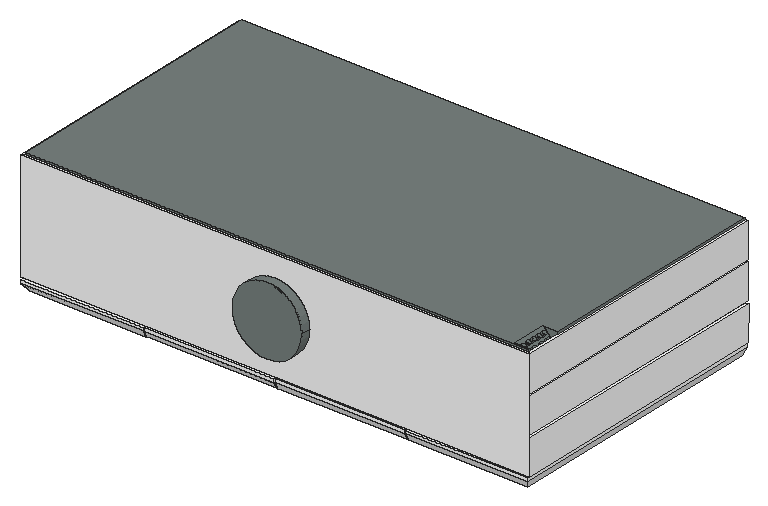
Revit family "AM 1000 HH DIB", category Mechanical Equipment, Revit 2019
Family settings
  Round Connector Dimension = Use Diameter
  Part Type = Normal
  OmniClass Number = 23.75.00.00
  OmniClass Title = Climate Control (HVAC)
  Work Plane-Based = No
  Always vertical = Yes
  Cut with Voids When Loaded = No
  Shared = No
  Room Calculation Point = No
Parameters
  Weight (Standard Unit) = 301.5  # constant formula
  Water heating surface in = "1/2\" (DN 15)"
  Water heating surface Return = "1/2\" (DN 15)"
  Water Heater Surface Return = 15 mm  # constant formula
  Water Heater Surface IN = 15 mm  # constant formula
  URL = "www.airmaster-as.com"
  Total Width = 2325 mm  # constant formula
  Total Hight = 560 mm  # constant formula
  Top Panel [instance] = yes
  T-C Duct Exhaust = 258 mm  # constant formula
  T-C Duct Supply = 258 mm  # constant formula
  Suply Air In = 315 mm  # constant formula
  R-C Duct Exhaust = 237 mm  # constant formula
  Phase 1 - Max Power Consumption = "4105 W"
  Phase 1 - Max Current = "19 A"
  Nominal current, electrical preheating surface = "10 A"
  Nominal current, electrical comfort heating surface = "6,5 A"
  Nominal current, air handling unit = "2,2 A"
  Network Conection = "AWG 24 CAT 5e STP"
  Model = "AM 1000 HHDIB"
  Middel Panel [instance] = yes
  Max. flow rate 35 dB(A) with ePM10 80% filters = 998.00 m³  # constant formula
  Max. flow rate 35 dB(A) with ePM10 55% filters = 1025.00 m³  # constant formula
  Max. flow rate 35 dB(A) with ePM10 50% filters = 1050.00 m³  # constant formula
  Max. flow rate 30 dB(A) with ePM10 80% filters = 903.00 m³  # constant formula
  Max. flow rate 30 dB(A) with ePM10 55% filters = 926.00 m³  # constant formula
  Max. flow rate 30 dB(A) with ePM10 50% filters = 950.00 m³  # constant formula
  Manufacturer = "Airmaster A/S"
  Maintenance [instance] = no
  L-C Duct ESupply = 317 mm  # constant formula
  Exhaust Air = 315 mm  # constant formula
  Total Depth = 1248 mm  # constant formula
  Electrical connection = "1  ~ 230V+N+PE / 3 ~ 230/400V+N+PE/ 50 Hz"
  Drawn By = "LSB"
  Data Sheet = "https://www.airmaster-as.com/media/dd4ftkqw/14174_ds_am1000_en_rev01.pdf"
  Condensate conector = "Ø6/9 mm"
  Condensate = 9 mm  # constant formula
  Buttom Panel [instance] = yes
  BMS Panel = "(PTS) 2x2x0,6"
  BMS Out = "(PTS) 2x2x0,6"
  BMS IN = "(PTS) 2x2x0,6"
  Airflow area [instance] = no
  Air flow area [instance] = Airflow
Reference planes
  plane 1 "Center (Front/Back)": y = 0
  plane 2: z = 0
  plane 3 "Center (Left/Right)": x = 0
  plane 4 "Center L/S": y = -1248
  plane 5 "Center L/T": x = -1162.5
  plane 6 "Center L/U": x = 1162.5
  plane 7 "TOP": z = 560
  plane 8 "Center L/V": x = -1147.5
  plane 9 "Center L/W": y = -1233
  plane 10 "Center L/X": x = 1147.5
  plane 11 "Panel Buttom": z = 44.5
  plane 12 "Panel Top": z = 212.5
  plane 13 "Hatch": z = 14.5
  plane 14 "Center L/Z": z = 222.5
  plane 15 "Center L/AA": z = 382.5
  plane 16 "Center L/BB": z = 392.5
  plane 17 "Center L/CC": z = 552.5
  plane 18 "Center L/DD": z = 52.35
  plane 19 "Center L/EE": z = 411.6
  plane 20: x = 1077.714
  plane 21: y = -1065.25
Forms (mm)
  Extrusion 1, solid, material "AM Grey"
    sketch origin (0, 0, 0) x (1, 0, 0) y (0, 1, 0)
      loop
        line (-1147.5, 0) -> (-1147.5, -1233) -> (1147.5, -1233) -> (1147.5, 0) -> (-1147.5, 0)
    from 44.5 to 560
  Blend 2, solid, material "AM White"
    base sketch origin (-790.646, -1524, 14.5) x (0, -1, 0) y (1, 0, 0)
      loop
        line (-276, -364.887) -> (-276, 1946.157) -> (-1524, 1946.157) -> (-1524, -364.887) -> (-276, -364.887)
    top sketch origin (-790.646, -1524, 14.5) x (0, -1, 0) y (1, 0, 0)
      loop
        line (-291, -337.182) -> (-291, 1935.146) -> (-1512, 1935.146) -> (-1512, -337.182) -> (-291, -337.182)
    from 14.086 to -14.5
  Extrusion 3, solid, material "AM Grey"
    sketch origin (-1147.5, 0, 0) x (1, 0, 0) y (0, 0, -1)
      loop
        circle (2073, -302) r 157.5
    from 0 to 9.75
  Extrusion 4, solid, material "AM Grey"
    sketch origin (-785, 0, 0) x (1, 0, 0) y (0, 0, -1)
      loop
        circle (-60.5, -302) r 157.5
    from 0 to 9.75
  Extrusion 5, solid, material "Maintenece", visible <- "Maintenance"
    sketch origin (-790.646, -1524, 0) x (1, 0, 0) y (0, -1, 0)
      loop
        line (-355.498, -1524) -> (1953.146, -1524) -> (1953.146, -276) -> (-355.498, -276) -> (-355.498, -1524)
    from 0 to 1200
  Extrusion 6, solid, material "Airflow" <- "Air flow area", visible <- "Airflow area"
    sketch origin (-790.646, -1524, 0) x (1, 0, 0) y (0, -1, 0)
      loop
        line (-371.854, -1524) -> (-371.854, -276) -> (-871.854, -276) -> (-871.854, -1524) -> (-371.854, -1524)
    from -392.5 to -552.5
  Extrusion 7, void
    sketch origin (1162.5, -1248, 44.5) x (1, 0, 0) y (0, 0, -1)
      loop
        line (-561, 44.65) -> (-570.2, 44.65)
        arc (-570.2, 44.65) -> (-568.786, 44.064) -> (-568.2, 42.65) r 2
        line (-568.2, 42.65) -> (-568.2, -7.85) -> (-563, -7.85) -> (-563, 42.65)
        arc (-563, 42.65) -> (-562.414, 44.064) -> (-561, 44.65) r 2
      loop
        line (-1157.2, 44.65) -> (-1166.4, 44.65)
        arc (-1166.4, 44.65) -> (-1164.986, 44.064) -> (-1164.4, 42.65) r 2
        line (-1164.4, 42.65) -> (-1164.4, -7.85) -> (-1159.2, -7.85) -> (-1159.2, 42.65)
        arc (-1159.2, 42.65) -> (-1158.614, 44.064) -> (-1157.2, 44.65) r 2
      loop
        line (-1754.3, 44.65) -> (-1763.5, 44.65)
        arc (-1763.5, 44.65) -> (-1762.086, 44.064) -> (-1761.5, 42.65) r 2
        line (-1761.5, 42.65) -> (-1761.5, -7.85) -> (-1756.3, -7.85) -> (-1756.3, 42.65)
        arc (-1756.3, 42.65) -> (-1755.714, 44.064) -> (-1754.3, 44.65) r 2
    from 0 to 1281
  Extrusion 8, solid, material "AM White"
    sketch origin (0, 0, 44.5) x (0, 1, 0) y (1, 0, 0)
      loop
        line (-1248, -1157) -> (0, -1157) -> (0, 1155.511) -> (-1248, 1155.511) -> (-1248, -1157)
    from 0 to 15.914
  Extrusion 9, solid, material "AM White", visible <- "Middel Panel"
    sketch origin (794.5, -1524, 214.5) x (0, -1, 0) y (-1, 0, 0)
      loop
        line (-1524, 1957) -> (-1524, 1942) -> (-293.318, 1942) -> (-278.318, 1957) -> (-1524, 1957)
      loop
        line (-1524, -368) -> (-278.318, -368) -> (-293.318, -353) -> (-1524, -353) -> (-1524, -368)
    from -7.85 to -168
  Extrusion 10, void
    sketch origin (-1162.5, 0, 44.5) x (0, 1, 0) y (0, 0, 1)
      loop
        line (-411.4, 495.5) -> (-501.4, 495.5) -> (-501.4, 465.5) -> (-411.4, 465.5) -> (-411.4, 495.5)
      loop
        line (-411.4, 460.5) -> (-501.4, 460.5) -> (-501.4, 430.5) -> (-411.4, 430.5) -> (-411.4, 460.5)
      loop
        line (-411.4, 425.5) -> (-501.4, 425.5) -> (-501.4, 395.5) -> (-411.4, 395.5) -> (-411.4, 425.5)
      loop
        line (-411.4, 390.5) -> (-501.4, 390.5) -> (-501.4, 360.5) -> (-411.4, 360.5) -> (-411.4, 390.5)
      loop
        line (-506.4, 495.5) -> (-596.4, 495.5) -> (-596.4, 465.5) -> (-506.4, 465.5) -> (-506.4, 495.5)
      loop
        line (-506.4, 460.5) -> (-596.4, 460.5) -> (-596.4, 430.5) -> (-506.4, 430.5) -> (-506.4, 460.5)
      loop
        line (-506.4, 425.5) -> (-596.4, 425.5) -> (-596.4, 395.5) -> (-506.4, 395.5) -> (-506.4, 425.5)
      loop
        line (-506.4, 390.5) -> (-596.4, 390.5) -> (-596.4, 360.5) -> (-506.4, 360.5) -> (-506.4, 390.5)
      loop
        line (-601.4, 495.5) -> (-691.4, 495.5) -> (-691.4, 465.5) -> (-601.4, 465.5) -> (-601.4, 495.5)
      loop
        line (-601.4, 460.5) -> (-691.4, 460.5) -> (-691.4, 430.5) -> (-601.4, 430.5) -> (-601.4, 460.5)
      loop
        line (-601.4, 425.5) -> (-691.4, 425.5) -> (-691.4, 395.5) -> (-601.4, 395.5) -> (-601.4, 425.5)
      loop
        line (-601.4, 390.5) -> (-691.4, 390.5) -> (-691.4, 360.5) -> (-601.4, 360.5) -> (-601.4, 390.5)
      loop
        line (-696.4, 495.5) -> (-786.4, 495.5) -> (-786.4, 465.5) -> (-696.4, 465.5) -> (-696.4, 495.5)
      loop
        line (-696.4, 460.5) -> (-786.4, 460.5) -> (-786.4, 430.5) -> (-696.4, 430.5) -> (-696.4, 460.5)
      loop
        line (-696.4, 425.5) -> (-786.4, 425.5) -> (-786.4, 395.5) -> (-696.4, 395.5) -> (-696.4, 425.5)
      loop
        line (-696.4, 390.5) -> (-786.4, 390.5) -> (-786.4, 360.5) -> (-696.4, 360.5) -> (-696.4, 390.5)
      loop
        line (-791.4, 495.5) -> (-881.4, 495.5) -> (-881.4, 465.5) -> (-791.4, 465.5) -> (-791.4, 495.5)
      loop
        line (-791.4, 460.5) -> (-881.4, 460.5) -> (-881.4, 430.5) -> (-791.4, 430.5) -> (-791.4, 460.5)
      loop
        line (-791.4, 425.5) -> (-881.4, 425.5) -> (-881.4, 395.5) -> (-791.4, 395.5) -> (-791.4, 425.5)
      loop
        line (-791.4, 390.5) -> (-881.4, 390.5) -> (-881.4, 360.5) -> (-791.4, 360.5) -> (-791.4, 390.5)
      loop
        line (-886.4, 495.5) -> (-976.4, 495.5) -> (-976.4, 465.5) -> (-886.4, 465.5) -> (-886.4, 495.5)
      loop
        line (-886.4, 460.5) -> (-976.4, 460.5) -> (-976.4, 430.5) -> (-886.4, 430.5) -> (-886.4, 460.5)
      loop
        line (-886.4, 425.5) -> (-976.4, 425.5) -> (-976.4, 395.5) -> (-886.4, 395.5) -> (-886.4, 425.5)
      loop
        line (-886.4, 390.5) -> (-976.4, 390.5) -> (-976.4, 360.5) -> (-886.4, 360.5) -> (-886.4, 390.5)
      loop
        line (-981.4, 495.5) -> (-1071.4, 495.5) -> (-1071.4, 465.5) -> (-981.4, 465.5) -> (-981.4, 495.5)
      loop
        line (-981.4, 460.5) -> (-1071.4, 460.5) -> (-1071.4, 430.5) -> (-981.4, 430.5) -> (-981.4, 460.5)
      loop
        line (-981.4, 425.5) -> (-1071.4, 425.5) -> (-1071.4, 395.5) -> (-981.4, 395.5) -> (-981.4, 425.5)
      loop
        line (-981.4, 390.5) -> (-1071.4, 390.5) -> (-1071.4, 360.5) -> (-981.4, 360.5) -> (-981.4, 390.5)
    from 0 to 15
  Extrusion 11, solid
    sketch origin (1147.5, -1256.441, -6.992) x (0, 1, 0) y (0, 0, 1)
      loop
        arc (1222.716, 528.556) -> (1233.368, 538.673) -> (1222.441, 548.492) r 10
        arc (1222.441, 548.492) -> (1213.37, 538.397) -> (1222.716, 528.556) r 10
    from 0 to 14
  Extrusion 12, solid
    sketch origin (1147.5, -1256.441, -6.992) x (0, 1, 0) y (0, 0, 1)
      loop
        arc (1200.869, 545.503) -> (1201.138, 537.541) -> (1202.323, 545.419) r 4
        arc (1202.323, 545.419) -> (1201.6, 545.528) -> (1200.869, 545.503) r 4
    from 0 to 14
  Extrusion 13, solid
    sketch origin (1147.5, -1256.441, -6.992) x (0, 1, 0) y (0, 0, 1)
      loop
        arc (1222.716, 498.556) -> (1233.368, 508.673) -> (1222.441, 518.492) r 10
        arc (1222.441, 518.492) -> (1213.37, 508.397) -> (1222.716, 498.556) r 10
    from 0 to 14
  Extrusion 14, solid
    sketch origin (1147.5, -1256.441, -6.992) x (0, 1, 0) y (0, 0, 1)
      loop
        arc (1200.869, 531.503) -> (1201.138, 523.541) -> (1202.323, 531.419) r 4
        arc (1202.323, 531.419) -> (1201.6, 531.528) -> (1200.869, 531.503) r 4
    from 0 to 14
  Extrusion 15, solid
    sketch origin (1147.5, -1256.441, -6.992) x (0, 1, 0) y (0, 0, 1)
      loop
        arc (1200.869, 517.503) -> (1201.138, 509.541) -> (1202.323, 517.419) r 4
        arc (1202.323, 517.419) -> (1201.6, 517.528) -> (1200.869, 517.503) r 4
    from 0 to 14
  Extrusion 16, solid
    sketch origin (1147.5, -1256.441, -6.992) x (0, 1, 0) y (0, 0, 1)
      loop
        arc (1200.869, 503.503) -> (1201.138, 495.541) -> (1202.323, 503.419) r 4
        arc (1202.323, 503.419) -> (1201.6, 503.528) -> (1200.869, 503.503) r 4
    from 0 to 14
  Extrusion 17, solid
    sketch origin (1147.5, -1256.441, -6.992) x (0, 1, 0) y (0, 0, 1)
      loop
        arc (1200.869, 489.503) -> (1201.138, 481.541) -> (1202.323, 489.419) r 4
        arc (1202.323, 489.419) -> (1201.6, 489.528) -> (1200.869, 489.503) r 4
    from 0 to 14
  Extrusion 18, solid
    sketch origin (1147.5, -1256.441, -6.992) x (0, 1, 0) y (0, 0, 1)
      loop
        arc (1200.869, 475.503) -> (1201.138, 467.541) -> (1202.323, 475.419) r 4
        arc (1202.323, 475.419) -> (1201.6, 475.528) -> (1200.869, 475.503) r 4
    from 0 to 14
  Extrusion 19, solid
    sketch origin (1147.5, -1256.441, -6.992) x (0, 1, 0) y (0, 0, 1)
      loop
        arc (1200.869, 461.503) -> (1201.138, 453.541) -> (1202.323, 461.419) r 4
        arc (1202.323, 461.419) -> (1201.6, 461.528) -> (1200.869, 461.503) r 4
    from 0 to 14
  Extrusion 20, solid
    sketch origin (1147.5, -1256.441, -6.992) x (0, 1, 0) y (0, 0, 1)
      loop
        arc (1200.869, 447.503) -> (1201.138, 439.541) -> (1202.323, 447.419) r 4
        arc (1202.323, 447.419) -> (1201.6, 447.528) -> (1200.869, 447.503) r 4
    from 0 to 14
  Extrusion 21, solid
    sketch origin (1147.5, -1256.441, -6.992) x (0, 1, 0) y (0, 0, 1)
      loop
        arc (1200.869, 433.503) -> (1201.138, 425.541) -> (1202.323, 433.419) r 4
        arc (1202.323, 433.419) -> (1201.6, 433.528) -> (1200.869, 433.503) r 4
    from 0 to 14
  Extrusion 22, solid
    sketch origin (1147.5, -1256.441, -6.992) x (0, 1, 0) y (0, 0, 1)
      loop
        arc (1200.869, 419.503) -> (1201.138, 411.541) -> (1202.323, 419.419) r 4
        arc (1202.323, 419.419) -> (1201.6, 419.528) -> (1200.869, 419.503) r 4
    from 0 to 14
  Extrusion 23, solid
    sketch origin (1147.5, -1256.441, -6.992) x (0, 1, 0) y (0, 0, 1)
      loop
        arc (1222.716, 468.556) -> (1233.368, 478.673) -> (1222.441, 488.492) r 10
        arc (1222.441, 488.492) -> (1213.37, 478.397) -> (1222.716, 468.556) r 10
    from 0 to 14
  Extrusion 24, solid
    sketch origin (1147.5, -1256.441, -6.992) x (0, 1, 0) y (0, 0, 1)
      loop
        arc (1222.716, 438.556) -> (1233.368, 448.673) -> (1222.441, 458.492) r 10
        arc (1222.441, 458.492) -> (1213.37, 448.397) -> (1222.716, 438.556) r 10
    from 0 to 14
  Extrusion 25, solid
    sketch origin (1147.5, -1256.441, -6.992) x (0, 1, 0) y (0, 0, 1)
      loop
        arc (1222.716, 408.556) -> (1233.368, 418.673) -> (1222.441, 428.492) r 10
        arc (1222.441, 428.492) -> (1213.37, 418.397) -> (1222.716, 408.556) r 10
    from 0 to 14
  Extrusion 26, void
    sketch origin (1147.5, -1233, 0) x (1, 0, 0) y (0, 0, -1)
      loop
        line (-69.786, -560) -> (0, -560) -> (0, -490.214) -> (-69.786, -560)
    from 5 to 167.75
  Extrusion 27, solid, material "AM Grey"
    sketch origin (1077.714, -1240.497, 560) x (0.707107, 0, -0.707107) y (0, 1, 0)
      loop
        circle (55.785, 29.963) r 10
    from 0 to 15
  Extrusion 28, solid, material "AM Grey"
    sketch origin (1077.714, -4445.497, 560) x (0.707107, 0, -0.707107) y (0, 1, 0)
      loop
        circle (25.193, 3235.104) r 8
    from 0 to 15
  Extrusion 29, solid, material "AM Grey"
    sketch origin (1077.714, -4415.497, 560) x (0.707107, 0, -0.707107) y (0, 1, 0)
      loop
        circle (25.193, 3235.104) r 8
    from 0 to 15
  Extrusion 30, solid, material "AM Grey"
    sketch origin (1077.714, -4385.497, 560) x (0.707107, 0, -0.707107) y (0, 1, 0)
      loop
        circle (25.193, 3235.104) r 8
    from 0 to 15
  Extrusion 31, solid, material "AM Grey"
    sketch origin (1077.714, -4355.497, 560) x (0.707107, 0, -0.707107) y (0, 1, 0)
      loop
        circle (25.193, 3235.104) r 8
    from 0 to 15
  Extrusion 32, solid, material "AM Grey"
    sketch origin (1077.714, -4325.497, 560) x (0.707107, 0, -0.707107) y (0, 1, 0)
      loop
        circle (25.193, 3235.104) r 8
    from 0 to 15
  Extrusion 33, solid, material "AM Grey"
    sketch origin (1077.714, -1201.186, 560) x (0.707107, 0, -0.707107) y (0, 1, 0)
      loop
        circle (55.785, 29.963) r 10
    from 0 to 15
  Extrusion 34, solid, material "AM Grey"
    sketch origin (1077.714, -1159.936, 560) x (0.707107, 0, -0.707107) y (0, 1, 0)
      loop
        circle (55.785, 29.963) r 10
    from 0 to 15
  Extrusion 35, solid, material "AM Grey"
    sketch origin (1077.714, -1120.561, 560) x (0.707107, 0, -0.707107) y (0, 1, 0)
      loop
        circle (55.785, 29.963) r 10
    from 0 to 15
  Extrusion 36, solid, material "AM Grey"
    sketch origin (-1147.5, -1233, 0) x (0, 1, 0) y (0, 0, -1)
      loop
        line (1232.629, -484.5) -> (1232.629, -460.5) -> (1225.161, -460.5) -> (1208.129, -460.5)
        arc (1208.129, -460.5) -> (1196.129, -472.5) -> (1208.129, -484.5) r 12
        line (1208.129, -484.5) -> (1224.336, -484.5) -> (1232.629, -484.5)
    from 0 to 14
  Extrusion 37, solid, material "AM Grey"
    sketch origin (-1147.5, -1233, -44.5) x (0, 1, 0) y (0, 0, -1)
      loop
        line (1232.629, -484.5) -> (1232.629, -460.5) -> (1225.161, -460.5) -> (1208.129, -460.5)
        arc (1208.129, -460.5) -> (1196.129, -472.5) -> (1208.129, -484.5) r 12
        line (1208.129, -484.5) -> (1224.336, -484.5) -> (1232.629, -484.5)
    from 0 to 14
  Extrusion 38, solid, material "AM White"
    sketch origin (794.5, -1524, 44.5) x (0, -1, 0) y (-1, 0, 0)
      loop
        line (-276, -365.7) -> (-276, 1954.706) -> (-291, 1939.706) -> (-291, -350.7) -> (-276, -365.7)
    from -7.85 to -508
  Extrusion 39, solid, material "AM White", visible <- "Top Panel"
    sketch origin (794.5, -1524, 384.5) x (0, -1, 0) y (-1, 0, 0)
      loop
        line (-1524, 1957) -> (-1524, 1942) -> (-293.318, 1942) -> (-278.318, 1957) -> (-1524, 1957)
      loop
        line (-1524, -368) -> (-278.318, -368) -> (-293.318, -353) -> (-1524, -353) -> (-1524, -368)
    from -7.85 to -168
  Extrusion 40, solid, material "AM White", visible <- "Buttom Panel"
    sketch origin (794.5, -1524, 44.5) x (0, -1, 0) y (-1, 0, 0)
      loop
        line (-1524, 1957) -> (-1524, 1942) -> (-293.318, 1942) -> (-278.318, 1957) -> (-1524, 1957)
      loop
        line (-1524, -368) -> (-278.318, -368) -> (-293.318, -353) -> (-1524, -353) -> (-1524, -368)
    from -7.85 to -168
  Extrusion 41, solid, material "AM Grey"
    sketch origin (1162.5, -1248, 214.5) x (-1, 0, 0) y (0, 0, -1)
      loop
        circle (1162, -87.5) r 157.5
    from 0 to 45
Cuts and joins
  Extrusion 7 cuts Blend 2
  Extrusion 7 cuts Extrusion 8
  Extrusion 10, Extrusion 26 cuts Extrusion 1
  Extrusion 10 cuts Extrusion 6
  Extrusion 10 cuts Extrusion 39
Dimensions and locks
  "Total Depth": plane 4 "Center L/S" to plane 1 "Center (Front/Back)"
  equal spacing: plane 5 "Center L/T", plane 3 "Center (Left/Right)", plane 6 "Center L/U"
  "Total Width": plane 5 "Center L/T" to plane 6 "Center L/U"
  "Total Hight": plane 7 "TOP" to level
  locked: plane 10 "Center L/X" to plane 6 "Center L/U" at 15
  locked: plane 4 "Center L/S" to plane 9 "Center L/W" at 15
  locked: plane 5 "Center L/T" to plane 8 "Center L/V" at 15
  "R-C Duct Exhaust": plane 6 "Center L/U" to Extrusion 3 sketch curve
  "T-C Duct Supply": Extrusion 4 sketch curve to plane 7 "TOP"
  "L-C Duct ESupply": Extrusion 4 sketch curve to plane 5 "Center L/T"
  Extrusion 6 to plane 5 "Center L/T" = 500 mm
  nested 2 to plane 1 "Center (Front/Back)" = 624 mm
  plane 6 "Center L/U" to Extrusion 41 sketch curve = 1162 mm
  plane 7 "TOP" to Extrusion 41 sketch curve = 258 mm
  "Exhaust Air": diameter of Extrusion 3 sketch curve
  "Suply Air In": diameter of Extrusion 4 sketch curve
  "Suply Air In": diameter of Extrusion 41 sketch curve
  aligned and locked: level to plane 2
  aligned and locked: plane 1 "Center (Front/Back)" to Extrusion 1 sketch curve
  aligned and locked: Extrusion 1 sketch curve to plane 8 "Center L/V"
  aligned and locked: Extrusion 1 sketch curve to plane 9 "Center L/W"
  aligned and locked: Extrusion 1 sketch curve to plane 10 "Center L/X"
  aligned and locked: plane 7 "TOP" to Extrusion 1
  aligned and locked: Blend 2 to plane 2
  aligned and locked: Extrusion 1 to plane 11 "Panel Buttom"
  aligned and locked: plane 5 "Center L/T" to Extrusion 6
  aligned and locked: Extrusion 3 to Extrusion 4
Automatic sketch dimensions
  plane 1 "Center (Front/Back)" to Blend 2 sketch curve = 0 mm
  plane 4 "Center L/S" to Blend 2 sketch curve = 0 mm
  plane 5 "Center L/T" to Blend 2 sketch curve = 6.967 mm
  Blend 2 sketch curve to plane 6 "Center L/U" = 6.989 mm
  Blend 2 sketch curve to plane 9 "Center L/W" = 0 mm
  Blend 2 sketch curve to plane 10 "Center L/X" = 3 mm
  plane 1 "Center (Front/Back)" to Blend 2 sketch curve = 12 mm
  plane 8 "Center L/V" to Blend 2 sketch curve = 19.672 mm
  Extrusion 1 to Extrusion 3 sketch curve = 258 mm
  Extrusion 5 sketch curve to Blend 2 = 18.316 mm
  Extrusion 5 sketch curve to Blend 2 = 18 mm
  Extrusion 5 sketch curve to Blend 2 = 15 mm
  Extrusion 5 sketch curve to Blend 2 = 12 mm
  Extrusion 6 sketch curve to Blend 2 = 12 mm
  Extrusion 6 sketch curve to Blend 2 = 534.672 mm
  Extrusion 6 sketch curve to Blend 2 = 15 mm
  Extrusion 6 sketch curve to Blend 2 = 34.672 mm
  Extrusion 7 sketch curve to plane 18 "Center L/DD" = 0 mm  (x3)
  level to Extrusion 7 sketch curve = 1.85 mm  (x6)
  plane 8 "Center L/V" to Extrusion 7 sketch curve = 546.5 mm
  Extrusion 7 sketch curve to Extrusion 7 sketch curve = 2 mm  (x5)
  Extrusion 7 sketch curve to Extrusion 7 sketch curve = 5.2 mm  (x2)
  Extrusion 7 sketch curve to plane 3 "Center (Left/Right)" = 3.9 mm
  Extrusion 7 sketch curve to plane 3 "Center (Left/Right)" = 1.9 mm
  plane 3 "Center (Left/Right)" to Extrusion 7 sketch curve = 3.3 mm
  Extrusion 7 sketch curve to plane 20 = 485.414 mm
  Extrusion 7 sketch curve to Extrusion 7 sketch curve = 0 mm  (x9)
  Extrusion 1 to Extrusion 8 sketch curve = 0 mm
  Extrusion 8 sketch curve to Extrusion 1 = 15 mm
  Extrusion 8 sketch curve to Extrusion 1 = 8.011 mm
  Extrusion 8 sketch curve to Extrusion 1 = 9.5 mm
  plane 1 "Center (Front/Back)" to Extrusion 9 sketch curve = 0 mm  (x2)
  Extrusion 9 sketch curve to plane 10 "Center L/X" = 0 mm
  Extrusion 9 sketch curve to plane 8 "Center L/V" = 0 mm
  Extrusion 9 sketch curve to plane 5 "Center L/T" = 0 mm
  Extrusion 9 sketch curve to plane 6 "Center L/U" = 0 mm
  Extrusion 9 sketch curve to plane 9 "Center L/W" = 2.318 mm  (x2)
  Extrusion 9 sketch curve to plane 4 "Center L/S" = 2.318 mm  (x2)
  Extrusion 10 sketch curve to plane 21 = 6.15 mm  (x2)
  Extrusion 10 sketch curve to Extrusion 10 sketch curve = 0 mm  (x50)
  plane 21 to Extrusion 10 sketch curve = 83.85 mm
  Extrusion 10 sketch curve to Extrusion 10 sketch curve = 5 mm  (x35)
  Extrusion 10 sketch curve to Extrusion 10 sketch curve = 90 mm  (x6)
  plane 19 "Center L/EE" to Extrusion 10 sketch curve = 6.6 mm  (x3)
  Extrusion 10 sketch curve to plane 19 "Center L/EE" = 23.4 mm  (x5)
  Extrusion 10 sketch curve to Extrusion 10 sketch curve = 30 mm  (x6)
  plane 17 "Center L/CC" to Extrusion 10 sketch curve = 12.5 mm  (x4)
  Extrusion 11 sketch curve to Extrusion 11 sketch curve = 0 mm  (x2)
  Extrusion 1 to Extrusion 11 sketch curve = 33.072 mm
  Extrusion 1 to Extrusion 11 sketch curve = 28.457 mm
  Extrusion 11 sketch curve to Extrusion 11 sketch curve = 0.653 mm
  Extrusion 11 sketch curve to Extrusion 11 sketch curve = 0.928 mm
  Extrusion 11 sketch curve to Extrusion 11 sketch curve = 9.979 mm
  Extrusion 12 sketch curve to Extrusion 12 sketch curve = 0 mm  (x2)
  Extrusion 1 to Extrusion 12 sketch curve = 25.457 mm
  Extrusion 1 to Extrusion 12 sketch curve = 55.072 mm
  Extrusion 12 sketch curve to Extrusion 12 sketch curve = 0.5 mm
  Extrusion 12 sketch curve to Extrusion 12 sketch curve = 1.454 mm
  Extrusion 12 sketch curve to Extrusion 12 sketch curve = 3.884 mm
  Extrusion 13 sketch curve to Extrusion 13 sketch curve = 0 mm  (x2)
  Extrusion 1 to Extrusion 13 sketch curve = 33.072 mm
  Extrusion 1 to Extrusion 13 sketch curve = 58.457 mm
  Extrusion 13 sketch curve to Extrusion 13 sketch curve = 0.653 mm
  Extrusion 13 sketch curve to Extrusion 13 sketch curve = 0.928 mm
  Extrusion 13 sketch curve to Extrusion 13 sketch curve = 9.979 mm
  Extrusion 14 sketch curve to Extrusion 14 sketch curve = 0 mm  (x2)
  Extrusion 1 to Extrusion 14 sketch curve = 55.072 mm
  Extrusion 1 to Extrusion 14 sketch curve = 39.457 mm
  Extrusion 14 sketch curve to Extrusion 14 sketch curve = 0.5 mm
  Extrusion 14 sketch curve to Extrusion 14 sketch curve = 1.454 mm
  Extrusion 14 sketch curve to Extrusion 14 sketch curve = 3.884 mm
  Extrusion 15 sketch curve to Extrusion 15 sketch curve = 0 mm  (x2)
  Extrusion 1 to Extrusion 15 sketch curve = 55.072 mm
  Extrusion 1 to Extrusion 15 sketch curve = 53.457 mm
  Extrusion 15 sketch curve to Extrusion 15 sketch curve = 0.5 mm
  Extrusion 15 sketch curve to Extrusion 15 sketch curve = 1.454 mm
  Extrusion 15 sketch curve to Extrusion 15 sketch curve = 3.884 mm
  Extrusion 16 sketch curve to Extrusion 16 sketch curve = 0 mm  (x2)
  Extrusion 1 to Extrusion 16 sketch curve = 55.072 mm
  Extrusion 1 to Extrusion 16 sketch curve = 67.457 mm
  Extrusion 16 sketch curve to Extrusion 16 sketch curve = 0.5 mm
  Extrusion 16 sketch curve to Extrusion 16 sketch curve = 1.454 mm
  Extrusion 16 sketch curve to Extrusion 16 sketch curve = 3.884 mm
  Extrusion 17 sketch curve to Extrusion 17 sketch curve = 0 mm  (x2)
  Extrusion 1 to Extrusion 17 sketch curve = 55.072 mm
  Extrusion 1 to Extrusion 17 sketch curve = 81.457 mm
  Extrusion 17 sketch curve to Extrusion 17 sketch curve = 0.5 mm
  Extrusion 17 sketch curve to Extrusion 17 sketch curve = 1.454 mm
  Extrusion 17 sketch curve to Extrusion 17 sketch curve = 3.884 mm
  Extrusion 18 sketch curve to Extrusion 18 sketch curve = 0 mm  (x2)
  Extrusion 1 to Extrusion 18 sketch curve = 55.072 mm
  Extrusion 1 to Extrusion 18 sketch curve = 95.457 mm
  Extrusion 18 sketch curve to Extrusion 18 sketch curve = 0.5 mm
  Extrusion 18 sketch curve to Extrusion 18 sketch curve = 1.454 mm
  Extrusion 18 sketch curve to Extrusion 18 sketch curve = 3.884 mm
  Extrusion 19 sketch curve to Extrusion 19 sketch curve = 0 mm  (x2)
  Extrusion 1 to Extrusion 19 sketch curve = 55.072 mm
  Extrusion 1 to Extrusion 19 sketch curve = 109.457 mm
  Extrusion 19 sketch curve to Extrusion 19 sketch curve = 0.5 mm
  Extrusion 19 sketch curve to Extrusion 19 sketch curve = 1.454 mm
  Extrusion 19 sketch curve to Extrusion 19 sketch curve = 3.884 mm
  Extrusion 20 sketch curve to Extrusion 20 sketch curve = 0 mm  (x2)
  Extrusion 1 to Extrusion 20 sketch curve = 55.072 mm
  Extrusion 1 to Extrusion 20 sketch curve = 123.457 mm
  Extrusion 20 sketch curve to Extrusion 20 sketch curve = 0.5 mm
  Extrusion 20 sketch curve to Extrusion 20 sketch curve = 1.454 mm
  Extrusion 20 sketch curve to Extrusion 20 sketch curve = 3.884 mm
  Extrusion 21 sketch curve to Extrusion 21 sketch curve = 0 mm  (x2)
  Extrusion 1 to Extrusion 21 sketch curve = 55.072 mm
  Extrusion 1 to Extrusion 21 sketch curve = 137.457 mm
  Extrusion 21 sketch curve to Extrusion 21 sketch curve = 0.5 mm
  Extrusion 21 sketch curve to Extrusion 21 sketch curve = 1.454 mm
  Extrusion 21 sketch curve to Extrusion 21 sketch curve = 3.884 mm
  Extrusion 22 sketch curve to Extrusion 22 sketch curve = 0 mm  (x2)
  Extrusion 1 to Extrusion 22 sketch curve = 55.072 mm
  Extrusion 1 to Extrusion 22 sketch curve = 151.457 mm
  Extrusion 22 sketch curve to Extrusion 22 sketch curve = 0.5 mm
  Extrusion 22 sketch curve to Extrusion 22 sketch curve = 1.454 mm
  Extrusion 22 sketch curve to Extrusion 22 sketch curve = 3.884 mm
  Extrusion 23 sketch curve to Extrusion 23 sketch curve = 0 mm  (x2)
  Extrusion 1 to Extrusion 23 sketch curve = 33.072 mm
  Extrusion 1 to Extrusion 23 sketch curve = 88.457 mm
  Extrusion 23 sketch curve to Extrusion 23 sketch curve = 0.653 mm
  Extrusion 23 sketch curve to Extrusion 23 sketch curve = 0.928 mm
  Extrusion 23 sketch curve to Extrusion 23 sketch curve = 9.979 mm
  Extrusion 24 sketch curve to Extrusion 24 sketch curve = 0 mm  (x2)
  Extrusion 1 to Extrusion 24 sketch curve = 33.072 mm
  Extrusion 1 to Extrusion 24 sketch curve = 118.457 mm
  Extrusion 24 sketch curve to Extrusion 24 sketch curve = 0.653 mm
  Extrusion 24 sketch curve to Extrusion 24 sketch curve = 0.928 mm
  Extrusion 24 sketch curve to Extrusion 24 sketch curve = 9.979 mm
  Extrusion 25 sketch curve to Extrusion 25 sketch curve = 0 mm  (x2)
  Extrusion 1 to Extrusion 25 sketch curve = 33.072 mm
  Extrusion 1 to Extrusion 25 sketch curve = 148.457 mm
  Extrusion 25 sketch curve to Extrusion 25 sketch curve = 0.653 mm
  Extrusion 25 sketch curve to Extrusion 25 sketch curve = 0.928 mm
  Extrusion 25 sketch curve to Extrusion 25 sketch curve = 9.979 mm
  Extrusion 26 sketch curve to Extrusion 1 = 0 mm
  Extrusion 1 to Extrusion 26 sketch curve = 0 mm
  Extrusion 1 to Extrusion 26 sketch curve = 69.786 mm
  Extrusion 26 sketch curve to Extrusion 26 sketch curve = 69.786 mm
  Extrusion 26 to Extrusion 27 sketch curve = 17.466 mm
  Extrusion 27 sketch curve to Extrusion 26 = 42.906 mm
  Extrusion 28 sketch curve to Extrusion 26 = 25.193 mm
  Extrusion 26 to Extrusion 28 sketch curve = 17.608 mm
  Extrusion 29 sketch curve to Extrusion 26 = 25.193 mm
  Extrusion 26 to Extrusion 29 sketch curve = 47.608 mm
  Extrusion 30 sketch curve to Extrusion 26 = 25.193 mm
  Extrusion 26 to Extrusion 30 sketch curve = 77.608 mm
  Extrusion 31 sketch curve to Extrusion 26 = 25.193 mm
  Extrusion 26 to Extrusion 31 sketch curve = 55.142 mm
  Extrusion 32 sketch curve to Extrusion 26 = 25.193 mm
  Extrusion 26 to Extrusion 32 sketch curve = 25.142 mm
  Extrusion 33 sketch curve to Extrusion 26 = 42.906 mm
  Extrusion 26 to Extrusion 33 sketch curve = 56.777 mm
  Extrusion 34 sketch curve to Extrusion 26 = 42.906 mm
  Extrusion 26 to Extrusion 34 sketch curve = 64.723 mm
  Extrusion 35 sketch curve to Extrusion 26 = 42.906 mm
  Extrusion 26 to Extrusion 35 sketch curve = 25.348 mm
  Extrusion 1 to Extrusion 36 sketch curve = 24.871 mm
  Extrusion 1 to Extrusion 36 sketch curve = 8.664 mm
  Extrusion 1 to Extrusion 36 sketch curve = 7.839 mm
  Extrusion 1 to Extrusion 36 sketch curve = 0.371 mm
  Extrusion 1 to Extrusion 36 sketch curve = 75.5 mm
  Extrusion 36 sketch curve to Extrusion 36 sketch curve = 12 mm
  Extrusion 1 to Extrusion 37 sketch curve = 24.871 mm
  Extrusion 1 to Extrusion 37 sketch curve = 8.664 mm
  Extrusion 1 to Extrusion 37 sketch curve = 7.839 mm
  Extrusion 1 to Extrusion 37 sketch curve = 0.371 mm
  Extrusion 1 to Extrusion 37 sketch curve = 120 mm
  Extrusion 37 sketch curve to Extrusion 37 sketch curve = 12 mm
  Extrusion 38 sketch curve to plane 9 "Center L/W" = 0 mm
  plane 4 "Center L/S" to Extrusion 38 sketch curve = 0 mm
  plane 5 "Center L/T" to Extrusion 38 sketch curve = 2.294 mm
  plane 8 "Center L/V" to Extrusion 38 sketch curve = 2.294 mm
  Extrusion 38 sketch curve to plane 10 "Center L/X" = 2.3 mm
  Extrusion 38 sketch curve to plane 6 "Center L/U" = 2.3 mm
  plane 1 "Center (Front/Back)" to Extrusion 39 sketch curve = 0 mm  (x2)
  Extrusion 39 sketch curve to plane 10 "Center L/X" = 0 mm
  Extrusion 39 sketch curve to plane 8 "Center L/V" = 0 mm
  Extrusion 39 sketch curve to plane 5 "Center L/T" = 0 mm
  Extrusion 39 sketch curve to plane 6 "Center L/U" = 0 mm
  Extrusion 39 sketch curve to plane 9 "Center L/W" = 2.318 mm  (x2)
  Extrusion 39 sketch curve to plane 4 "Center L/S" = 2.318 mm  (x2)
  plane 1 "Center (Front/Back)" to Extrusion 40 sketch curve = 0 mm  (x2)
  Extrusion 40 sketch curve to plane 10 "Center L/X" = 0 mm
  Extrusion 40 sketch curve to plane 8 "Center L/V" = 0 mm
  Extrusion 40 sketch curve to plane 5 "Center L/T" = 0 mm
  Extrusion 40 sketch curve to plane 6 "Center L/U" = 0 mm
  Extrusion 40 sketch curve to plane 9 "Center L/W" = 2.318 mm  (x2)
  Extrusion 40 sketch curve to plane 4 "Center L/S" = 2.318 mm  (x2)
  radius of Extrusion 27 sketch curve = 10 mm
  radius of Extrusion 28 sketch curve = 8 mm
  radius of Extrusion 29 sketch curve = 8 mm
  radius of Extrusion 30 sketch curve = 8 mm
  radius of Extrusion 31 sketch curve = 8 mm
  radius of Extrusion 32 sketch curve = 8 mm
  radius of Extrusion 33 sketch curve = 10 mm
  radius of Extrusion 34 sketch curve = 10 mm
  radius of Extrusion 35 sketch curve = 10 mm
Nested families
  nested 1: "Model Label 2019" at (0, -602.425, 0), Label <- "Model", type "Model Label 2019"
    with Label "AM 1000 HHDIB"
  nested 2: "Pil Indtag" at (-1662.5, -624, 0), type "Pil Indtag"
    with dX_ 609 mm, dX 609 mm, ang2D 0.00°
Connectors
  electrical at (1161.5, -54.845, 538.47), driven by "Electrical connection"
    settings: on Extrusion 12, index 11, voltage 400 V, apparent load 0 VA, apparent load phase1 0 VA, apparent load phase2 0 VA, apparent load phase3 0 VA, power factor 0.58, load classification "HVAC", number of poles 3, system type 31, power factor state 1, is connector primary yes, connector utility no, sub classification motor no, connector description "1  ~ 230V+N+PE / 3 ~ 230/400V+N+PE/ 50 Hz"
  electrical at (1161.5, -54.845, 524.47), driven by "BMS IN"
    settings: on Extrusion 14, index 12, voltage 0 V, apparent load 0 VA, apparent load phase1 0 VA, apparent load phase2 0 VA, apparent load phase3 0 VA, power factor 1, load classification "Other", number of poles 1, system type 5, power factor state 1, is connector primary no, connector utility no, sub classification motor no, connector description "(PTS) 2x2x0,6"
  electrical at (1161.5, -54.845, 510.47), driven by "BMS Out"
    settings: on Extrusion 15, index 13, voltage 0 V, apparent load 0 VA, apparent load phase1 0 VA, apparent load phase2 0 VA, apparent load phase3 0 VA, power factor 1, load classification "Other", number of poles 1, system type 5, power factor state 1, is connector primary no, connector utility no, sub classification motor no, connector description "(PTS) 2x2x0,6"
  electrical at (1161.5, -54.845, 496.47), driven by "BMS Panel"
    settings: on Extrusion 16, index 14, voltage 0 V, apparent load 0 VA, apparent load phase1 0 VA, apparent load phase2 0 VA, apparent load phase3 0 VA, power factor 1, load classification "Other", number of poles 1, system type 5, power factor state 1, is connector primary no, connector utility no, sub classification motor no, connector description "(PTS) 2x2x0,6"
  electrical at (1161.5, -54.845, 482.47), driven by "Network Conection"
    settings: on Extrusion 17, index 15, voltage 0 V, apparent load 0 VA, apparent load phase1 0 VA, apparent load phase2 0 VA, apparent load phase3 0 VA, power factor 1, load classification "Other", number of poles 1, system type 5, power factor state 1, is connector primary no, connector utility no, sub classification motor no, connector description "AWG 24 CAT 5e STP"
  electrical at (1161.5, -54.845, 468.47), driven by "BMS IN"
    settings: on Extrusion 18, index 16, voltage 0 V, apparent load 0 VA, apparent load phase1 0 VA, apparent load phase2 0 VA, apparent load phase3 0 VA, power factor 1, load classification "Other", number of poles 1, system type 5, power factor state 1, is connector primary no, connector utility no, sub classification motor no, connector description "(PTS) 2x2x0,6"
  electrical at (1161.5, -54.845, 454.47), driven by "BMS IN"
    settings: on Extrusion 19, index 17, voltage 0 V, apparent load 0 VA, apparent load phase1 0 VA, apparent load phase2 0 VA, apparent load phase3 0 VA, power factor 1, load classification "Other", number of poles 1, system type 5, power factor state 1, is connector primary no, connector utility no, sub classification motor no, connector description "(PTS) 2x2x0,6"
  electrical at (1161.5, -54.845, 440.47), driven by "BMS IN"
    settings: on Extrusion 20, index 18, voltage 0 V, apparent load 0 VA, apparent load phase1 0 VA, apparent load phase2 0 VA, apparent load phase3 0 VA, power factor 1, load classification "Other", number of poles 1, system type 5, power factor state 1, is connector primary no, connector utility no, sub classification motor no, connector description "(PTS) 2x2x0,6"
  electrical at (1161.5, -54.845, 426.47), driven by "BMS IN"
    settings: on Extrusion 21, index 19, voltage 0 V, apparent load 0 VA, apparent load phase1 0 VA, apparent load phase2 0 VA, apparent load phase3 0 VA, power factor 1, load classification "Other", number of poles 1, system type 5, power factor state 1, is connector primary no, connector utility no, sub classification motor no, connector description "(PTS) 2x2x0,6"
  electrical at (1161.5, -54.845, 412.47), driven by "BMS IN"
    settings: on Extrusion 22, index 20, voltage 0 V, apparent load 0 VA, apparent load phase1 0 VA, apparent load phase2 0 VA, apparent load phase3 0 VA, power factor 1, load classification "Other", number of poles 1, system type 5, power factor state 1, is connector primary no, connector utility no, sub classification motor no, connector description "(PTS) 2x2x0,6"
  piping at (1161.5, -33.862, 531.532), diameter 9, driven by "Condensate", driven by "Condensate conector"
    settings: on Extrusion 11, index 21, connector inside diameter 609.6 mm, connector length 0 mm, flow factor 0, pipe flow 0.0 L/s, pressure drop 0.0 Pa, fitting loss kfactor 0, connector angle 0.00°, fixture units 0, engagement length 0 mm, angle of deflection 0.00°, flow configuration 0, flow direction 0, fitting loss method 0, system type 19, joint type 0, gender type 0, connector reference index -1, connector utility 0, adjustable connector no, is connector primary yes, connector description "Ø6/9 mm"
  piping at (1161.5, -33.862, 501.532), diameter 9, driven by "Condensate", driven by "Condensate conector"
    settings: on Extrusion 13, index 22, connector inside diameter 609.6 mm, connector length 0 mm, flow factor 0, pipe flow 0.0 L/s, pressure drop 0.0 Pa, fitting loss kfactor 0, connector angle 0.00°, fixture units 0, engagement length 0 mm, angle of deflection 0.00°, flow configuration 0, flow direction 0, fitting loss method 0, system type 19, joint type 0, gender type 0, connector reference index -1, connector utility 0, adjustable connector no, is connector primary no, connector description "Ø6/9 mm"
  piping at (1161.5, -33.862, 471.532), diameter 9, driven by "Condensate", driven by "Condensate conector"
    settings: on Extrusion 23, index 23, connector inside diameter 609.6 mm, connector length 0 mm, flow factor 0, pipe flow 0.0 L/s, pressure drop 0.0 Pa, fitting loss kfactor 0, connector angle 0.00°, fixture units 0, engagement length 0 mm, angle of deflection 0.00°, flow configuration 0, flow direction 0, fitting loss method 0, system type 19, joint type 0, gender type 0, connector reference index -1, connector utility 0, adjustable connector no, is connector primary no, connector description "Ø6/9 mm"
  piping at (1161.5, -33.862, 441.532), diameter 9, driven by "Condensate", driven by "Condensate conector"
    settings: on Extrusion 24, index 24, connector inside diameter 609.6 mm, connector length 0 mm, flow factor 0, pipe flow 0.0 L/s, pressure drop 0.0 Pa, fitting loss kfactor 0, connector angle 0.00°, fixture units 0, engagement length 0 mm, angle of deflection 0.00°, flow configuration 0, flow direction 0, fitting loss method 0, system type 19, joint type 0, gender type 0, connector reference index -1, connector utility 0, adjustable connector no, is connector primary no, connector description "Ø6/9 mm"
  piping at (1161.5, -33.862, 411.532), diameter 9, driven by "Condensate", driven by "Condensate conector"
    settings: on Extrusion 25, index 25, connector inside diameter 609.6 mm, connector length 0 mm, flow factor 0, pipe flow 0.0 L/s, pressure drop 0.0 Pa, fitting loss kfactor 0, connector angle 0.00°, fixture units 0, engagement length 0 mm, angle of deflection 0.00°, flow configuration 0, flow direction 0, fitting loss method 0, system type 19, joint type 0, gender type 0, connector reference index -1, connector utility 0, adjustable connector no, is connector primary no, connector description "Ø6/9 mm"
  electrical at (1106.135, -1090.392, 552.792), driven by "Electrical connection"
    settings: on Extrusion 32, index 26, voltage 0 V, apparent load 0 VA, apparent load phase1 0 VA, apparent load phase2 0 VA, apparent load phase3 0 VA, power factor 1, load classification "Other", number of poles 1, system type 31, power factor state 1, is connector primary no, connector utility no, sub classification motor no, connector description "1  ~ 230V+N+PE / 3 ~ 230/400V+N+PE/ 50 Hz"
  electrical at (1106.135, -1120.392, 552.792), driven by "BMS IN"
    settings: on Extrusion 31, index 27, voltage 0 V, apparent load 0 VA, apparent load phase1 0 VA, apparent load phase2 0 VA, apparent load phase3 0 VA, power factor 1, load classification "Other", number of poles 1, system type 31, power factor state 1, is connector primary no, connector utility no, sub classification motor no, connector description "(PTS) 2x2x0,6"
  electrical at (1106.135, -1150.392, 552.792), driven by "BMS Out"
    settings: on Extrusion 30, index 28, voltage 0 V, apparent load 0 VA, apparent load phase1 0 VA, apparent load phase2 0 VA, apparent load phase3 0 VA, power factor 1, load classification "Other", number of poles 1, system type 31, power factor state 1, is connector primary no, connector utility no, sub classification motor no, connector description "(PTS) 2x2x0,6"
  electrical at (1106.135, -1180.392, 552.792), driven by "BMS Panel"
    settings: on Extrusion 29, index 29, voltage 0 V, apparent load 0 VA, apparent load phase1 0 VA, apparent load phase2 0 VA, apparent load phase3 0 VA, power factor 1, load classification "Other", number of poles 1, system type 31, power factor state 1, is connector primary no, connector utility no, sub classification motor no, connector description "(PTS) 2x2x0,6"
  electrical at (1106.135, -1210.392, 552.792), driven by "Network Conection"
    settings: on Extrusion 28, index 30, voltage 0 V, apparent load 0 VA, apparent load phase1 0 VA, apparent load phase2 0 VA, apparent load phase3 0 VA, power factor 1, load classification "Other", number of poles 1, system type 31, power factor state 1, is connector primary no, connector utility no, sub classification motor no, connector description "AWG 24 CAT 5e STP"
  piping at (1127.767, -1090.598, 531.16), diameter 9, driven by "Condensate", driven by "Condensate conector"
    settings: on Extrusion 35, index 31, connector inside diameter 609.6 mm, connector length 0 mm, flow factor 0, pipe flow 0.0 L/s, pressure drop 0.0 Pa, fitting loss kfactor 0, connector angle 0.00°, fixture units 0, engagement length 0 mm, angle of deflection 0.00°, flow configuration 0, flow direction 0, fitting loss method 0, system type 19, joint type 0, gender type 0, connector reference index -1, connector utility 0, adjustable connector no, is connector primary no, connector description "Ø6/9 mm"
  piping at (1127.767, -1129.973, 531.16), diameter 9, driven by "Condensate", driven by "Condensate conector"
    settings: on Extrusion 34, index 32, connector inside diameter 609.6 mm, connector length 0 mm, flow factor 0, pipe flow 0.0 L/s, pressure drop 0.0 Pa, fitting loss kfactor 0, connector angle 0.00°, fixture units 0, engagement length 0 mm, angle of deflection 0.00°, flow configuration 0, flow direction 0, fitting loss method 0, system type 19, joint type 0, gender type 0, connector reference index -1, connector utility 0, adjustable connector no, is connector primary no, connector description "Ø6/9 mm"
  piping at (1127.767, -1171.223, 531.16), diameter 9, driven by "Condensate", driven by "Condensate conector"
    settings: on Extrusion 33, index 33, connector inside diameter 609.6 mm, connector length 0 mm, flow factor 0, pipe flow 0.0 L/s, pressure drop 0.0 Pa, fitting loss kfactor 0, connector angle 0.00°, fixture units 0, engagement length 0 mm, angle of deflection 0.00°, flow configuration 0, flow direction 0, fitting loss method 0, system type 19, joint type 0, gender type 0, connector reference index -1, connector utility 0, adjustable connector no, is connector primary no, connector description "Ø6/9 mm"
  piping at (1127.767, -1210.534, 531.16), diameter 9, driven by "Condensate", driven by "Condensate conector"
    settings: on Extrusion 27, index 34, connector inside diameter 609.6 mm, connector length 0 mm, flow factor 0, pipe flow 0.0 L/s, pressure drop 0.0 Pa, fitting loss kfactor 0, connector angle 0.00°, fixture units 0, engagement length 0 mm, angle of deflection 0.00°, flow configuration 0, flow direction 0, fitting loss method 0, system type 19, joint type 0, gender type 0, connector reference index -1, connector utility 0, adjustable connector no, is connector primary no, connector description "Ø6/9 mm"
  piping at (-1161.5, -11.165, 472.5), diameter 15, driven by "Water Heater Surface IN", driven by "Water heating surface in"
    settings: on Extrusion 36, index 35, connector inside diameter 609.6 mm, connector length 0 mm, flow factor 0, pipe flow 0.0 L/s, pressure drop 0.0 Pa, fitting loss kfactor 0, connector angle 0.00°, fixture units 0, engagement length 0 mm, angle of deflection 0.00°, flow configuration 0, flow direction 0, fitting loss method 0, system type 19, joint type 0, gender type 0, connector reference index -1, connector utility 0, adjustable connector no, is connector primary no, connector description "1/2\" (DN 15)"
  piping at (-1161.5, -11.165, 428), diameter 15, driven by "Water Heater Surface Return", driven by "Water heating surface Return"
    settings: on Extrusion 37, index 36, connector inside diameter 609.6 mm, connector length 0 mm, flow factor 0, pipe flow 0.0 L/s, pressure drop 0.0 Pa, fitting loss kfactor 0, connector angle 0.00°, fixture units 0, engagement length 0 mm, angle of deflection 0.00°, flow configuration 0, flow direction 0, fitting loss method 0, system type 19, joint type 0, gender type 0, connector reference index -1, connector utility 0, adjustable connector no, is connector primary no, connector description "1/2\" (DN 15)"
  hvac at (0.5, -1248, 302), driven by "Suply Air In"
    settings: on Extrusion 41, index 38, duct flow 0.0 L/s, flow factor 0, pres drop 0.0 Pa, loss coef 0, conn angle 0.00°, conn width 304.8 mm, conn height 304.8 mm, conn diameter 315 mm, duct sys type 1, conn prof type 0, flow config 0, flow direction 2, loss method 0, conn ref index -1, conn util no, is conn primary yes, conn desc ""
  hvac at (-845.5, 0, 302), driven by "Exhaust Air"
    settings: on Extrusion 4, index 39, duct flow 0.0 L/s, flow factor 0, pres drop 0.0 Pa, loss coef 0, conn angle 0.00°, conn width 304.8 mm, conn height 304.8 mm, conn diameter 315 mm, duct sys type 3, conn prof type 0, flow config 0, flow direction 2, loss method 0, conn ref index -1, conn util no, is conn primary no, conn desc ""
  hvac at (925.5, 0, 302), driven by "Suply Air In"
    settings: on Extrusion 3, index 40, duct flow 0.0 L/s, flow factor 0, pres drop 0.0 Pa, loss coef 0, conn angle 0.00°, conn width 304.8 mm, conn height 304.8 mm, conn diameter 315 mm, duct sys type 1, conn prof type 0, flow config 0, flow direction 1, loss method 0, conn ref index -1, conn util no, is conn primary no, conn desc ""
Definition of nested family "Model Label 2019"
  Parameters (values of type "Model Label 2019")
    Label [instance] = ""
  Reference planes
    plane 1: y = 0
    plane 2: x = 0
  Text (mm)
    label "Label" at (-0.131, 0.049, 0), shows "Label"
Definition of nested family "Pil Indtag"
  Parameters (values of type "Pil Indtag")
    dX_ [instance] = if(dX = 0 mm, 1 mm, dX)  # 609 mm
    dX [instance] = 609 mm
    ang2D [instance] = 0.00°
    Type Comments = "DO NOT CHANGE dX value from 608 mm ( 2 ft )"
    Afstand pil = 50 mm
  Reference planes
    plane 1 "Center (Front/Back)": y = 0
    plane 2: z = 0
    plane 3 "Center (Left/Right)": x = 0
    plane 4: x = 500
  Lines and regions (mm)
    Filled region 1, type "Concrete", in view "Ref. Level"
      outline origin (0, 0, 0) x (1, 0, 0) y (0, 1, 0)
        loop
          line (499.552, 0) -> (401.072, 17.365) -> (401.072, -17.365) -> (499.552, 0)
    reference lines, in view "Ref. Level"
      curve 1: line (50, 134.129, 0) -> (50, -145.871, 0)
    detail lines, in view "Ref. Level", not visible
      curve 2: arc (335, 0, 0) -> (385.559, -50.321, 0) -> (434.999, 1.101, 0) r 50.01
      curve 3: arc (335, 0, 0) -> (285.666, 52.633, 0) -> (235.069, 1.212, 0) r 50.01
      curve 4: line (434.999, 1.101, 0) -> (434.999, 21.156, 0)
      curve 5: line (235.069, 1.212, 0) -> (235.069, -18.844, 0)
    detail lines, in view "Ref. Level"
      curve 6: arc (225.332, 0, 0) -> (272.332, -35.211, 0) -> (294.114, 19.326, 0) r 36.995
      curve 7: arc (225.206, 0, 0) -> (173.868, 30.307, 0) -> (156.85, -26.829, 0) r 37.835
      curve 8: line (499.552, 0, 0) -> (401.072, 17.365, 0)
      curve 9: line (401.072, 17.365, 0) -> (401.072, -17.365, 0)
      curve 10: line (401.072, -17.365, 0) -> (499.552, 0, 0)
      curve 11: line (499.552, 0, 0) -> (-15.448, 0, 0)
  Dimensions and locks
    "Afstand pil": plane 3 "Center (Left/Right)" to curve 1
    plane 3 "Center (Left/Right)" to plane 4 = 500 mm
  Automatic sketch dimensions
    plane 1 "Center (Front/Back)" to Filled region 1 sketch curve = 0 mm
    Filled region 1 sketch curve to plane 4 = 0.448 mm
    plane 1 "Center (Front/Back)" to Filled region 1 sketch curve = 17.365 mm
    Filled region 1 sketch curve to plane 4 = 98.928 mm
    Filled region 1 sketch curve to plane 1 "Center (Front/Back)" = 17.365 mm
    plane 1 "Center (Front/Back)" to curve 11 = 0 mm
    plane 1 "Center (Front/Back)" to curve 7 = 4.913 mm
    plane 3 "Center (Left/Right)" to curve 7 = 187.691 mm
    curve 6 to plane 1 "Center (Front/Back)" = 0.405 mm
    curve 7 to curve 6 = 74.634 mm
    curve 9 to plane 1 "Center (Front/Back)" = 17.365 mm
    curve 9 to plane 4 = 98.928 mm
    curve 11 to plane 4 = 0.448 mm
    plane 1 "Center (Front/Back)" to curve 10 = 17.365 mm
    curve 7 to curve 7 = 30.842 mm
    curve 11 to plane 3 "Center (Left/Right)" = 15.448 mm
    curve 7 to curve 6 = 37.119 mm
    curve 7 to curve 6 = 0.126 mm
    curve 6 to plane 1 "Center (Front/Back)" = 19.326 mm
    plane 1 "Center (Front/Back)" to curve 1 = 145.871 mm
    curve 1 to plane 1 "Center (Front/Back)" = 134.129 mm
